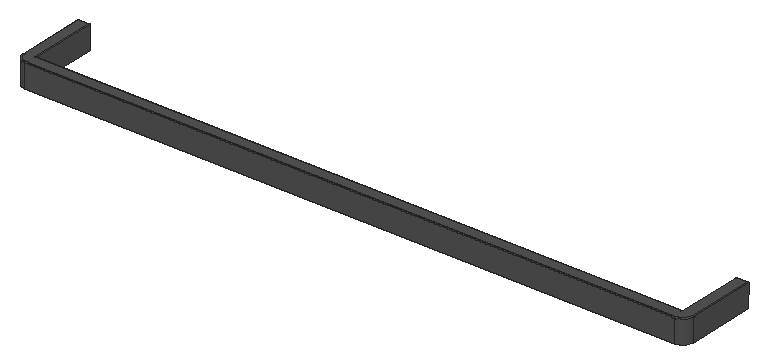
Revit family "Reece_Accessory_Mizu_Stream_Heated Towel Rail_Single", category Plumbing Fixtures, Revit 2018
Family settings
  Round Connector Dimension = Use Diameter
  Part Type = Normal
  Work Plane-Based = Yes
  Always vertical = Yes
  Cut with Voids When Loaded = Yes
  Shared = Yes
  Room Calculation Point = Yes
Parameters (values of type "850 mm x 30mm x 100 mm_Matte Black")
  URL = "https://www.reece.com.au/product/-9509581"
  Type Comments = "Accessory"
  Reece_Product_Web Page = "https://www.reece.com.au/product/-9509581"
  Reece_Product_Type = "Accessory"  # constant formula
  Reece_Product_Sub Brand = "Stream"  # constant formula
  Reece_Product_Number = "9509581"
  Reece_Product_Mount = "Wall Mounted"
  Reece_Product_Description = "Mizu Stream Heated Towel Rail 850 (Each) (Less Transformer) Matte Black"
  Reece_Product_Brand = "Mizu"  # constant formula
  Reece_Overall_Width = 850 mm
  Reece_Overall_Height = 30 mm  # constant formula
  Reece_Minimum Height_From_Level [instance] = if(Reece_Height_From_Level < 600 mm, 600 mm, Reece_Height_From_Level)  # 1000 mm
  Reece_Material_Main = Reece_Metal_Stainless Steel_Matte Black
  Reece_Height_From_Level [instance] = 1000 mm
  Reece_Detail_Installation = "Heated Towel Rail"  # constant formula
  Reece_Detail_Disclaimer = "THIS FILE IS THE PROPERTY OF THE REECE GROUP. IT MAY NOT BE REPRODUCED, REVERSE-ENGINEERED OR MODIFIED. ANY REPUBLICATION, TRANSMISSION OR DISTRIBUTION FOR THE PURPOSE OF COMMERCIALLY EXPLOITING THE FILES IS PROHIBITED."  # constant formula
  Reece_Detail_Additional = "Less Transformer"  # constant formula
  Reece_Accessory_Projection = 100 mm  # constant formula
  Model = "Stream"
  Manufacturer = "Mizu"
  Keynote = "Product #9509581, Reece_Accessory_Mizu_Stream_Heated Towel Rail_Single - 850 mm x 30mm x 100 mm_Matte Black"
  Disclaimer = "THIS FILE IS THE PROPERTY OF THE REECE GROUP. IT MAY NOT BE REPRODUCED, REVERSE-ENGINEERED OR MODIFIED. ANY REPUBLICATION, TRANSMISSION OR DISTRIBUTION FOR THE PURPOSE OF COMMERCIALLY EXPLOITING THE FILES IS PROHIBITED."  # constant formula
  Description = "Mizu Stream Heated Towel Rail 850 (Each) (Less Transformer) Matte Black"
  Default Elevation = 0 mm
Types (6, lengths in mm): name | URL | Reece_Product_Web Page | Reece_Product_Number | Reece_Product_Description | Reece_Overall_Width | Reece_Material_Main | Keynote | Description
  650 mm x 30mm x 100 mm_Brushed Stainless Steel | "https://www.reece.com.au/product/-9509578" | "https://www.reece.com.au/product/-9509578" | "9509578" | "Mizu Stream Heated Towel Rail 650 (Each) (Less Transformer) Brushed Stainless Steel" | 650 | Reece_Metal_Brushed Stainless Steel | "Product #9509578, Reece_Accessory_Mizu_Stream_Heated Towel Rail_Single - 650 mm x 30mm x 100 mm_Brushed Stainless Steel" | "Mizu Stream Heated Towel Rail 650 (Each) (Less Transformer) Brushed Stainless Steel"
  650 mm x 30mm x 100 mm_Matte Black | "https://www.reece.com.au/product/-9509580" | "https://www.reece.com.au/product/-9509580" | "9509580" | "Mizu Stream Heated Towel Rail 650 (Each) (Less Transformer) Matte Black" | 650 | Reece_Metal_Stainless Steel_Matte Black | "Product #9509580, Reece_Accessory_Mizu_Stream_Heated Towel Rail_Single - 650 mm x 30mm x 100 mm_Matte Black" | "Mizu Stream Heated Towel Rail 650 (Each) (Less Transformer) Matte Black"
  650 mm x 30mm x 100 mm_Polished Stainless Steel | "https://www.reece.com.au/product/-9509576" | "https://www.reece.com.au/product/-9509576" | "9509576" | "Mizu Stream Heated Towel Rail 650 (Each) (Less Transformer) Polished Stainless Steel" | 650 | Reece_Metal_Stainless Steel_Polished | "Product #9509576, Reece_Accessory_Mizu_Stream_Heated Towel Rail_Single - 650 mm x 30mm x 100 mm_Polished Stainless Steel" | "Mizu Stream Heated Towel Rail 650 (Each) (Less Transformer) Polished Stainless Steel"
  850 mm x 30mm x 100 mm_Brushed Stainless Steel | "https://www.reece.com.au/product/-9509579" | "https://www.reece.com.au/product/-9509579" | "9509579" | "Mizu Stream Heated Towel Rail 850 (Each) (Less Transformer) Brushed Stainless Steel" | 850 | Reece_Metal_Brushed Stainless Steel | "Product #9509579, Reece_Accessory_Mizu_Stream_Heated Towel Rail_Single - 850 mm x 30mm x 100 mm_Brushed Stainless Steel" | "Mizu Stream Heated Towel Rail 850 (Each) (Less Transformer) Brushed Stainless Steel"
  850 mm x 30mm x 100 mm_Matte Black | "https://www.reece.com.au/product/-9509581" | "https://www.reece.com.au/product/-9509581" | "9509581" | "Mizu Stream Heated Towel Rail 850 (Each) (Less Transformer) Matte Black" | 850 | Reece_Metal_Stainless Steel_Matte Black | "Product #9509581, Reece_Accessory_Mizu_Stream_Heated Towel Rail_Single - 850 mm x 30mm x 100 mm_Matte Black" | "Mizu Stream Heated Towel Rail 850 (Each) (Less Transformer) Matte Black"
  850 mm x 30mm x 100 mm_Polished Stainless Steel | "https://www.reece.com.au/product/-9509577" | "https://www.reece.com.au/product/-9509577" | "9509577" | "Mizu Stream Heated Towel Rail 850 (Each) (Less Transformer) Polished Stainless Steel" | 850 | Reece_Metal_Stainless Steel_Polished | "Product #9509577, Reece_Accessory_Mizu_Stream_Heated Towel Rail_Single - 850 mm x 30mm x 100 mm_Polished Stainless Steel" | "Mizu Stream Heated Towel Rail 850 (Each) (Less Transformer) Polished Stainless Steel"
Reference planes
  plane 1 "Center (Front/Back)": y = 0
  plane 2 "Bottom Host Plane": z = -5
  plane 3 "Center (Left/Right)": x = 0
  plane 4 "Fixing Point": z = 1015
  plane 5 "Edge 1": x = -425
  plane 6 "Edge 2": x = 425
  plane 7: x = -410
  plane 8: y = -100
  plane 9: y = -13
  plane 10: y = -85
  plane 11: x = -417.5
  plane 12: z = 1030
  plane 13: z = 1000
  plane 14: x = 410
  plane 15: x = 417.5
Lines and regions (mm)
  model lines, style "InvisibleLines"
    curve 1: line (0, 0, -5) -> (0, 0, 1015)
Text (mm)
  text "Reece ©" at (2943.753, -2068.85, 3004.21), in view "Reece Preview"
  text "Reece Copyright © 2018, Reece Ltd." at (-479.847, -145.821, 0), in view "Ref. Level"
Dimensions and locks
  locked: plane 2 "Bottom Host Plane" to level at 5
  "Reece_Overall_Width": plane 5 "Edge 1" to plane 6 "Edge 2"
  plane 1 "Center (Front/Back)" to plane 8 = 100 mm
  plane 6 "Edge 2" to plane 5 "Edge 1" = 850 mm
  equal spacing: plane 5 "Edge 1", plane 3 "Center (Left/Right)", plane 6 "Edge 2"
  "Reece_Overall_Height": plane 13 to plane 12
  plane 13 to plane 12 = 30 mm  (x2)
  plane 1 "Center (Front/Back)" to plane 9 = 13 mm  (x2)
  "Reece_Minimum Height_From_Level": plane 13 to level
  equal spacing: plane 5 "Edge 1", plane 11, plane 7
  equal spacing: plane 14, plane 15, plane 6 "Edge 2"
  locked: plane 5 "Edge 1" to plane 7 at 15
  plane 14 to plane 6 "Edge 2" = 15 mm
  "Reece_Accessory_Projection": plane 8 to plane 1 "Center (Front/Back)"
  equal spacing: plane 13, plane 4 "Fixing Point", plane 12
  aligned and locked: plane 4 "Fixing Point" to curve 1
  aligned and locked: plane 1 "Center (Front/Back)" to nested 1
Automatic sketch dimensions
  curve 1 to plane 3 "Center (Left/Right)" = 0 mm
  curve 1 to plane 2 "Bottom Host Plane" = 0 mm
Nested families
  nested 1: "Reece_Accessory_Mizu_Stream_Heated Towel Rail_Single_Nested" at (0, 0, 1015), Reece_Overall_Width <- "Reece_Overall_Width", Reece_Material_Main <- "Reece_Material_Main", type "Reece_Accessory_Mizu_Stream_Heated Towel Rail_Single_Nested"
    with Reece_Overall_Width 850 mm, Reece_Material_Main Reece_Metal_Stainless Steel_Matte Black
Definition of nested family "Reece_Accessory_Mizu_Stream_Heated Towel Rail_Single_Nested"
  Parameters (values of type "Reece_Accessory_Mizu_Stream_Heated Towel Rail_Single_Nested")
    Waste Connection = no
    WFU = 0
    Vent Connection = no
    URL = ""
    Type Comments = ""
    Reece_Overall_Width [instance] = 650 mm
    Reece_Material_Main [instance] = none
    Model = ""
    Manufacturer = ""
    Keynote = ""
    HWFU = 0
    HW Connection = no
    Description = ""
    Default Elevation = 0 mm
    Cost = 0
    CWFU = 0
    CW Connection = no
    Assembly Code = ""
  Reference planes
    plane 1 "Center (Front/Back)": y = 0
    plane 2 "Bottom Host Plane": z = -5
    plane 3 "Center (Left/Right)": x = 0
    plane 4 "Fixing Point": z = 0
    plane 5 "Edge 1": x = -325
    plane 6 "Edge 2": x = 325
    plane 7: x = -310
    plane 8: x = 310
    plane 9: y = -100
    plane 10: y = -13
    plane 11: y = -85
    plane 12: x = -317.5
    plane 13: x = 317.5
    plane 14: z = 15
    plane 15: z = -15
  Forms (mm)
    Sweep 1, solid, material <- "Reece_Material_Main"
      path origin (0, 0, 0) x (0, -1, 0) y (1, 0, 0)
        loop
          line (0, -325) -> (87, -325)
          arc (87, -325) -> (96.192, -321.192) -> (100, -312) r 13
          line (100, -312) -> (100, 312)
          arc (100, 312) -> (96.192, 321.192) -> (87, 325) r 13
          line (87, 325) -> (0, 325)
      profile origin (-325, -43.5, 0) x (1, 0, 0) y (0, 0, 1)
        loop
          line (2, -15) -> (2, 15) -> (1, 15)
          arc (1, 15) -> (0.293, 14.707) -> (0, 14) r 1
          line (0, 14) -> (0, -15) -> (2, -15)
    Sweep 2, solid, material <- "Reece_Material_Main"
      path origin (0, 0, 0) x (0, -1, 0) y (1, 0, 0)
        loop
          line (0, -310) -> (85, -310) -> (85, 310) -> (0, 310)
      profile origin (-310, -42.5, 0) x (1, 0, 0) y (0, 0, 1)
        loop
          line (-2, -15) -> (0, -15) -> (0, 14)
          arc (0, 14) -> (-0.293, 14.707) -> (-1, 15) r 1
          line (-1, 15) -> (-2, 15) -> (-2, -15)
    Extrusion 3, solid, material <- "Reece_Material_Main"
      sketch origin (0, 0, 0) x (0, -1, 0) y (1, 0, 0)
        loop
          line (87, 312) -> (87, -312) -> (0, -312) -> (0, -323) -> (87, -323)
          arc (87, -323) -> (94.778, -319.778) -> (98, -312) r 11
          line (98, -312) -> (98, 312)
          arc (98, 312) -> (94.778, 319.778) -> (87, 323) r 11
          line (87, 323) -> (0, 323) -> (0, 312) -> (87, 312)
      from -15 to 15
    Extrusion 4, solid, material <- "Reece_Material_Main"
      sketch origin (633.784, 0.956, 0) x (0, -1, 0) y (1, 0, 0)
        loop
          circle (13.956, -316.284) r 2.5
      from -15.283 to -13.117
    Extrusion 5, void
      sketch origin (633.784, 0.956, 0) x (0, -1, 0) y (1, 0, 0)
        loop
          circle (13.956, -316.284) r 3
      from -15.283 to -13.117
    Extrusion 6, solid, material <- "Reece_Material_Main"
      sketch origin (-633.784, 0.956, 0) x (0, -1, 0) y (1, 0, 0)
        loop
          circle (13.956, 316.284) r 2.5
      from -15.283 to -13.117
    Extrusion 7, void
      sketch origin (-633.784, 0.956, 0) x (0, -1, 0) y (1, 0, 0)
        loop
          circle (13.956, 316.284) r 3
      from -15.283 to -14.792
    Extrusion 8, solid, material <- "Reece_Material_Main"
      sketch origin (-633.784, 0.956, 0) x (0, -1, 0) y (1, 0, 0)
        loop
          circle (13.956, 316.284) r 2.5
      from -15.283 to -13.117
  Cuts and joins
    Extrusion 7 cuts Sweep 1
    Extrusion 5, Extrusion 7 cuts Sweep 2
    Extrusion 7 cuts Extrusion 3
    Extrusion 7 cuts Extrusion 4
    joined: Sweep 1, Sweep 2, Extrusion 3, Extrusion 4, Extrusion 8
    Extrusion 7 cuts Extrusion 6
  Text (mm)
    text "Reece ©" at (2943.753, -2068.85, 3004.21), in view "Reece Preview"
    text "Reece Copyright © 2018, Reece Ltd." at (-2103.117, -1226.195, 0), in view "Ref. Level"
  Dimensions and locks
    Sweep 1 sketch curve to Sweep 1 sketch curve = 650 mm
    locked: Sweep 1 sketch curve to plane 5 "Edge 1" at 0
    locked: Sweep 1 sketch curve to plane 6 "Edge 2" at 0
    "Reece_Overall_Width": plane 6 "Edge 2" to plane 5 "Edge 1"
    equal spacing: plane 6 "Edge 2", plane 3 "Center (Left/Right)", plane 5 "Edge 1"
    plane 5 "Edge 1" to plane 12 to plane 7 = 7.5 mm locked, 7.5 mm locked
    plane 8 to plane 13 to plane 6 "Edge 2" = 7.5 mm locked, 7.5 mm locked
  Automatic sketch dimensions
    plane 1 "Center (Front/Back)" to Sweep 1 sketch curve = 0 mm  (x2)
    Sweep 1 sketch curve to plane 9 = 0 mm
    plane 8 to Sweep 1 sketch curve = 2 mm
    Sweep 1 sketch curve to plane 11 = 2 mm
    profile plane to Sweep 1 sketch curve = 0 mm
    Sweep 1 sketch curve to profile plane = 1 mm
    Sweep 1 sketch curve to Sweep 1 sketch curve = 1 mm
    plane 4 "Fixing Point" to Sweep 1 sketch curve = 15 mm
    Sweep 1 sketch curve to plane 4 "Fixing Point" = 14 mm
    plane 1 "Center (Front/Back)" to Sweep 2 sketch curve = 0 mm  (x2)
    Sweep 2 sketch curve to plane 8 = 0 mm
    Sweep 2 sketch curve to plane 11 = 0 mm
    Sweep 2 sketch curve to plane 7 = 0 mm
    profile plane to Sweep 2 sketch curve = 0 mm
    Sweep 2 sketch curve to Sweep 2 sketch curve = 1 mm
    Sweep 2 sketch curve to Sweep 2 sketch curve = 2 mm
    plane 4 "Fixing Point" to Sweep 2 sketch curve = 15 mm
    Sweep 2 sketch curve to plane 4 "Fixing Point" = 14 mm
    plane 1 "Center (Front/Back)" to Extrusion 3 sketch curve = 0 mm  (x2)
    Extrusion 3 sketch curve to plane 11 = 2 mm  (x3)
    plane 9 to Extrusion 3 sketch curve = 2 mm
    plane 5 "Edge 1" to Extrusion 3 sketch curve = 2 mm
    Extrusion 3 sketch curve to Extrusion 3 sketch curve = 0 mm
    plane 8 to Extrusion 3 sketch curve = 2 mm  (x2)
    Extrusion 4 sketch curve to plane 10 = 0 mm
    Extrusion 4 sketch curve to plane 13 = 0 mm
    Extrusion 5 sketch curve to plane 10 = 0 mm
    Extrusion 5 sketch curve to plane 13 = 0 mm
    Extrusion 6 sketch curve to plane 10 = 0 mm
    Extrusion 6 sketch curve to plane 12 = 0 mm
    Extrusion 7 sketch curve to plane 10 = 0 mm
    Extrusion 7 sketch curve to plane 12 = 0 mm
    Extrusion 8 sketch curve to plane 10 = 0 mm
    Extrusion 8 sketch curve to plane 12 = 0 mm
    radius of Extrusion 4 sketch curve = 2.5 mm
    radius of Extrusion 5 sketch curve = 3 mm
    radius of Extrusion 6 sketch curve = 2.5 mm
    radius of Extrusion 7 sketch curve = 3 mm
    radius of Extrusion 8 sketch curve = 2.5 mm
